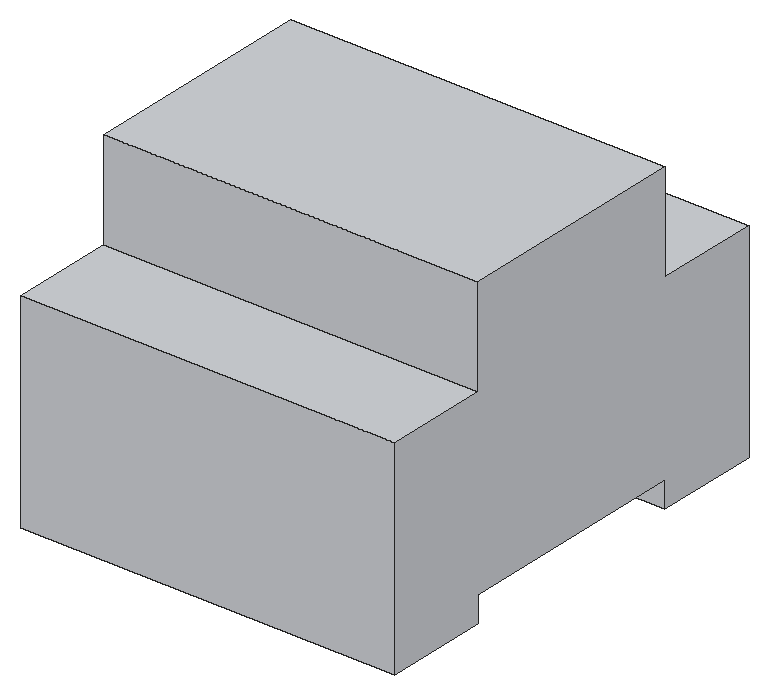
Revit family "Power-ModularDevices-GEWISS-90AM-ENERGY_METER_DIGITAL_THREE_PHASE", category Apparecchi elettrici, host Superficie, Revit 2016 (continued)
Definition of nested family "90AM CONTATORI DI ENERGIA TRIFASE DIGITALE_GENERICO"
  Lines and regions (mm)
    model lines, visible <- "GWD6808", detail levels medium+fine
      curve 752: line (18.054, 32.182, 40) -> (16.667, 31.81, 40)
      curve 753: line (16.667, 31.81, 40) -> (15.28, 32.182, 40)
      curve 754: line (15.28, 32.182, 40) -> (14.264, 33.197, 40)
      curve 755: line (14.264, 33.197, 40) -> (13.892, 34.584, 40)
      curve 756: line (13.892, 34.584, 40) -> (14.264, 35.971, 40)
      curve 757: line (14.264, 35.971, 40) -> (15.28, 36.987, 40)
      curve 758: line (15.28, 36.987, 40) -> (16.667, 37.359, 40)
      curve 759: line (23.333, 37.359, 40) -> (24.721, 36.987, 40)
      curve 760: line (24.721, 36.987, 40) -> (25.736, 35.971, 40)
      curve 761: line (25.736, 35.971, 40) -> (26.108, 34.584, 40)
      curve 762: line (26.108, 34.584, 40) -> (25.736, 33.197, 40)
      curve 763: line (25.736, 33.197, 40) -> (24.721, 32.182, 40)
      curve 764: line (24.721, 32.182, 40) -> (23.333, 31.81, 40)
      curve 765: line (23.333, 31.81, 40) -> (21.946, 32.182, 40)
      curve 766: line (21.946, 32.182, 40) -> (20.931, 33.197, 40)
      curve 767: line (20.931, 33.197, 40) -> (20.559, 34.584, 40)
      curve 768: line (20.559, 34.584, 40) -> (20.931, 35.971, 40)
      curve 769: line (20.931, 35.971, 40) -> (21.946, 36.987, 40)
      curve 770: line (21.946, 36.987, 40) -> (23.333, 37.359, 40)
      curve 771: line (30, 37.359, 40) -> (31.387, 36.987, 40)
      curve 772: line (31.387, 36.987, 40) -> (32.403, 35.971, 40)
      curve 773: line (32.403, 35.971, 40) -> (32.774, 34.584, 40)
      curve 774: line (32.774, 34.584, 40) -> (32.403, 33.197, 40)
      curve 775: line (32.403, 33.197, 40) -> (31.387, 32.182, 40)
      curve 776: line (31.387, 32.182, 40) -> (30, 31.81, 40)
      curve 777: line (30, 31.81, 40) -> (28.613, 32.182, 40)
      curve 778: line (28.613, 32.182, 40) -> (27.597, 33.197, 40)
      curve 779: line (27.597, 33.197, 40) -> (27.226, 34.584, 40)
      curve 780: line (27.226, 34.584, 40) -> (27.597, 35.971, 40)
      curve 781: line (27.597, 35.971, 40) -> (28.613, 36.987, 40)
      curve 782: line (28.613, 36.987, 40) -> (30, 37.359, 40)
      curve 783: line (-22.031, 33.367, 40) -> (-21.257, 33.574, 40)
      curve 784: line (-21.257, 33.574, 40) -> (-20.69, 34.141, 40)
      curve 785: line (-20.69, 34.141, 40) -> (-20.482, 34.915, 40)
      curve 786: line (-20.482, 34.915, 40) -> (-20.69, 35.69, 40)
      curve 787: line (-20.69, 35.69, 40) -> (-21.257, 36.257, 40)
      curve 788: line (-21.257, 36.257, 40) -> (-22.031, 36.464, 40)
      curve 789: line (-22.031, 36.464, 40) -> (-22.806, 36.257, 40)
      curve 790: line (-22.806, 36.257, 40) -> (-23.373, 35.69, 40)
      curve 791: line (-23.373, 35.69, 40) -> (-23.58, 34.915, 40)
      curve 792: line (-23.58, 34.915, 40) -> (-23.373, 34.141, 40)
      curve 793: line (-23.373, 34.141, 40) -> (-22.806, 33.574, 40)
      curve 794: line (-22.806, 33.574, 40) -> (-22.031, 33.367, 40)
      curve 795: line (-36, -30.5, 40) -> (-36, -42.5, 40)
      curve 796: line (36, 30.5, 40) -> (36, 42.5, 40)
    model lines, visible <- "GWD6808", not visible, detail levels medium+fine
      curve 797: line (276.654, 161.381, 40) -> (348.654, 161.381, 40)
      curve 798: line (348.654, 161.381, 40) -> (348.654, 173.381, 40)
      curve 799: line (348.654, 246.381, 40) -> (276.654, 246.381, 40)
      curve 800: line (276.654, 246.381, 40) -> (276.654, 234.381, 40)
      curve 801: line (348.654, 234.381, 40) -> (276.654, 234.381, 40)
      curve 802: line (348.654, 173.381, 40) -> (276.654, 173.381, 40)
      curve 803: line (282.425, 237.247, 40) -> (283.199, 237.455, 40)
      curve 804: line (283.199, 237.455, 40) -> (283.766, 238.022, 40)
      curve 805: line (283.766, 238.022, 40) -> (283.974, 238.796, 40)
      curve 806: line (283.974, 238.796, 40) -> (283.766, 239.571, 40)
      curve 807: line (283.766, 239.571, 40) -> (283.199, 240.138, 40)
      curve 808: line (283.199, 240.138, 40) -> (282.425, 240.345, 40)
      curve 809: line (282.425, 240.345, 40) -> (281.65, 240.138, 40)
      curve 810: line (281.65, 240.138, 40) -> (281.083, 239.571, 40)
      curve 811: line (281.083, 239.571, 40) -> (280.876, 238.796, 40)
      curve 812: line (280.876, 238.796, 40) -> (281.083, 238.022, 40)
      curve 813: line (281.083, 238.022, 40) -> (281.65, 237.455, 40)
      curve 814: line (281.65, 237.455, 40) -> (282.425, 237.247, 40)
      curve 815: line (282.654, 166.522, 40) -> (284.042, 166.894, 40)
      curve 816: line (284.042, 166.894, 40) -> (285.057, 167.909, 40)
      curve 817: line (285.057, 167.909, 40) -> (285.429, 169.296, 40)
      curve 818: line (285.429, 169.296, 40) -> (285.057, 170.684, 40)
      curve 819: line (285.057, 170.684, 40) -> (284.042, 171.699, 40)
      curve 820: line (284.042, 171.699, 40) -> (282.654, 172.071, 40)
      curve 821: line (282.654, 172.071, 40) -> (281.267, 171.699, 40)
      curve 822: line (281.267, 171.699, 40) -> (280.252, 170.684, 40)
      curve 823: line (280.252, 170.684, 40) -> (279.88, 169.296, 40)
      curve 824: line (279.88, 169.296, 40) -> (280.252, 167.909, 40)
      curve 825: line (280.252, 167.909, 40) -> (281.267, 166.894, 40)
      curve 826: line (281.267, 166.894, 40) -> (282.654, 166.522, 40)
      curve 827: line (289.321, 166.522, 40) -> (290.708, 166.894, 40)
      curve 828: line (290.708, 166.894, 40) -> (291.724, 167.909, 40)
      curve 829: line (291.724, 167.909, 40) -> (292.095, 169.296, 40)
      curve 830: line (292.095, 169.296, 40) -> (291.724, 170.684, 40)
      curve 831: line (291.724, 170.684, 40) -> (290.708, 171.699, 40)
      curve 832: line (290.708, 171.699, 40) -> (289.321, 172.071, 40)
      curve 833: line (289.321, 172.071, 40) -> (287.934, 171.699, 40)
      curve 834: line (287.934, 171.699, 40) -> (286.919, 170.684, 40)
      curve 835: line (286.919, 170.684, 40) -> (286.547, 169.296, 40)
      curve 836: line (286.547, 169.296, 40) -> (286.919, 167.909, 40)
      curve 837: line (286.919, 167.909, 40) -> (287.934, 166.894, 40)
      curve 838: line (287.934, 166.894, 40) -> (289.321, 166.522, 40)
      curve 839: line (295.988, 166.522, 40) -> (297.375, 166.894, 40)
      curve 840: line (297.375, 166.894, 40) -> (298.39, 167.909, 40)
      curve 841: line (298.39, 167.909, 40) -> (298.762, 169.296, 40)
      curve 842: line (298.762, 169.296, 40) -> (298.39, 170.684, 40)
      curve 843: line (298.39, 170.684, 40) -> (297.375, 171.699, 40)
      curve 844: line (297.375, 171.699, 40) -> (295.988, 172.071, 40)
      curve 845: line (295.988, 172.071, 40) -> (294.601, 171.699, 40)
      curve 846: line (294.601, 171.699, 40) -> (293.585, 170.684, 40)
      curve 847: line (293.585, 170.684, 40) -> (293.214, 169.296, 40)
      curve 848: line (293.214, 169.296, 40) -> (293.585, 167.909, 40)
      curve 849: line (293.585, 167.909, 40) -> (294.601, 166.894, 40)
      curve 850: line (294.601, 166.894, 40) -> (295.988, 166.522, 40)
      curve 851: line (302.654, 166.522, 40) -> (304.042, 166.894, 40)
      curve 852: line (304.042, 166.894, 40) -> (305.057, 167.909, 40)
      curve 853: line (305.057, 167.909, 40) -> (305.429, 169.296, 40)
      curve 854: line (305.429, 169.296, 40) -> (305.057, 170.684, 40)
      curve 855: line (305.057, 170.684, 40) -> (304.042, 171.699, 40)
      curve 856: line (304.042, 171.699, 40) -> (302.654, 172.071, 40)
      curve 857: line (302.654, 172.071, 40) -> (301.267, 171.699, 40)
      curve 858: line (301.267, 171.699, 40) -> (300.252, 170.684, 40)
      curve 859: line (300.252, 170.684, 40) -> (299.88, 169.296, 40)
      curve 860: line (299.88, 169.296, 40) -> (300.252, 167.909, 40)
      curve 861: line (300.252, 167.909, 40) -> (301.267, 166.894, 40)
      curve 862: line (301.267, 166.894, 40) -> (302.654, 166.522, 40)
      curve 863: line (309.321, 166.522, 40) -> (310.708, 166.894, 40)
      curve 864: line (310.708, 166.894, 40) -> (311.724, 167.909, 40)
      curve 865: line (311.724, 167.909, 40) -> (312.095, 169.296, 40)
      curve 866: line (312.095, 169.296, 40) -> (311.724, 170.684, 40)
      curve 867: line (311.724, 170.684, 40) -> (310.708, 171.699, 40)
      curve 868: line (310.708, 171.699, 40) -> (309.321, 172.071, 40)
      curve 869: line (309.321, 172.071, 40) -> (307.934, 171.699, 40)
      curve 870: line (307.934, 171.699, 40) -> (306.919, 170.684, 40)
      curve 871: line (306.919, 170.684, 40) -> (306.547, 169.296, 40)
      curve 872: line (306.547, 169.296, 40) -> (306.919, 167.909, 40)
      curve 873: line (306.919, 167.909, 40) -> (307.934, 166.894, 40)
      curve 874: line (307.934, 166.894, 40) -> (309.321, 166.522, 40)
      curve 875: line (315.988, 166.522, 40) -> (317.375, 166.894, 40)
      curve 876: line (317.375, 166.894, 40) -> (318.39, 167.909, 40)
      curve 877: line (318.39, 167.909, 40) -> (318.762, 169.296, 40)
      curve 878: line (318.762, 169.296, 40) -> (318.39, 170.684, 40)
      curve 879: line (318.39, 170.684, 40) -> (317.375, 171.699, 40)
      curve 880: line (317.375, 171.699, 40) -> (315.988, 172.071, 40)
      curve 881: line (315.988, 172.071, 40) -> (314.601, 171.699, 40)
      curve 882: line (314.601, 171.699, 40) -> (313.585, 170.684, 40)
      curve 883: line (313.585, 170.684, 40) -> (313.214, 169.296, 40)
      curve 884: line (313.214, 169.296, 40) -> (313.585, 167.909, 40)
      curve 885: line (313.585, 167.909, 40) -> (314.601, 166.894, 40)
      curve 886: line (314.601, 166.894, 40) -> (315.988, 166.522, 40)
      curve 887: line (322.654, 166.522, 40) -> (324.042, 166.894, 40)
      curve 888: line (324.042, 166.894, 40) -> (325.057, 167.909, 40)
      curve 889: line (325.057, 167.909, 40) -> (325.429, 169.296, 40)
      curve 890: line (325.429, 169.296, 40) -> (325.057, 170.684, 40)
      curve 891: line (325.057, 170.684, 40) -> (324.042, 171.699, 40)
      curve 892: line (324.042, 171.699, 40) -> (322.654, 172.071, 40)
      curve 893: line (322.654, 172.071, 40) -> (321.267, 171.699, 40)
      curve 894: line (321.267, 171.699, 40) -> (320.252, 170.684, 40)
      curve 895: line (320.252, 170.684, 40) -> (319.88, 169.296, 40)
      curve 896: line (319.88, 169.296, 40) -> (320.252, 167.909, 40)
      curve 897: line (320.252, 167.909, 40) -> (321.267, 166.894, 40)
      curve 898: line (321.267, 166.894, 40) -> (322.654, 166.522, 40)
      curve 899: line (329.321, 166.522, 40) -> (330.708, 166.894, 40)
      curve 900: line (330.708, 166.894, 40) -> (331.724, 167.909, 40)
      curve 901: line (331.724, 167.909, 40) -> (332.095, 169.296, 40)
      curve 902: line (332.095, 169.296, 40) -> (331.724, 170.684, 40)
      curve 903: line (331.724, 170.684, 40) -> (330.708, 171.699, 40)
      curve 904: line (330.708, 171.699, 40) -> (329.321, 172.071, 40)
      curve 905: line (329.321, 172.071, 40) -> (327.934, 171.699, 40)
      curve 906: line (327.934, 171.699, 40) -> (326.919, 170.684, 40)
      curve 907: line (326.919, 170.684, 40) -> (326.547, 169.296, 40)
      curve 908: line (326.547, 169.296, 40) -> (326.919, 167.909, 40)
      curve 909: line (326.919, 167.909, 40) -> (327.934, 166.894, 40)
      curve 910: line (327.934, 166.894, 40) -> (329.321, 166.522, 40)
      curve 911: line (335.988, 166.522, 40) -> (337.375, 166.894, 40)
      curve 912: line (337.375, 166.894, 40) -> (338.39, 167.909, 40)
      curve 913: line (338.39, 167.909, 40) -> (338.762, 169.296, 40)
      curve 914: line (338.762, 169.296, 40) -> (338.39, 170.684, 40)
      curve 915: line (338.39, 170.684, 40) -> (337.375, 171.699, 40)
      curve 916: line (337.375, 171.699, 40) -> (335.988, 172.071, 40)
      curve 917: line (335.988, 172.071, 40) -> (334.601, 171.699, 40)
      curve 918: line (334.601, 171.699, 40) -> (333.585, 170.684, 40)
      curve 919: line (333.585, 170.684, 40) -> (333.214, 169.296, 40)
      curve 920: line (333.214, 169.296, 40) -> (333.585, 167.909, 40)
      curve 921: line (333.585, 167.909, 40) -> (334.601, 166.894, 40)
      curve 922: line (334.601, 166.894, 40) -> (335.988, 166.522, 40)
      curve 923: line (342.654, 166.522, 40) -> (344.042, 166.894, 40)
      curve 924: line (344.042, 166.894, 40) -> (345.057, 167.909, 40)
      curve 925: line (345.057, 167.909, 40) -> (345.429, 169.296, 40)
      curve 926: line (345.429, 169.296, 40) -> (345.057, 170.684, 40)
      curve 927: line (345.057, 170.684, 40) -> (344.042, 171.699, 40)
      curve 928: line (344.042, 171.699, 40) -> (342.654, 172.071, 40)
      curve 929: line (342.654, 172.071, 40) -> (341.267, 171.699, 40)
      curve 930: line (341.267, 171.699, 40) -> (340.252, 170.684, 40)
      curve 931: line (340.252, 170.684, 40) -> (339.88, 169.296, 40)
      curve 932: line (339.88, 169.296, 40) -> (340.252, 167.909, 40)
      curve 933: line (340.252, 167.909, 40) -> (341.267, 166.894, 40)
      curve 934: line (341.267, 166.894, 40) -> (342.654, 166.522, 40)
      curve 935: line (302.654, 241.239, 40) -> (304.042, 240.868, 40)
      curve 936: line (304.042, 240.868, 40) -> (305.057, 239.852, 40)
      curve 937: line (305.057, 239.852, 40) -> (305.429, 238.465, 40)
      curve 938: line (305.429, 238.465, 40) -> (305.057, 237.078, 40)
      curve 939: line (305.057, 237.078, 40) -> (304.042, 236.062, 40)
      curve 940: line (304.042, 236.062, 40) -> (302.654, 235.691, 40)
      curve 941: line (302.654, 235.691, 40) -> (301.267, 236.062, 40)
      curve 942: line (301.267, 236.062, 40) -> (300.252, 237.078, 40)
      curve 943: line (300.252, 237.078, 40) -> (299.88, 238.465, 40)
      curve 944: line (299.88, 238.465, 40) -> (300.252, 239.852, 40)
      curve 945: line (300.252, 239.852, 40) -> (301.267, 240.868, 40)
      curve 946: line (301.267, 240.868, 40) -> (302.654, 241.239, 40)
      curve 947: line (309.321, 241.239, 40) -> (310.708, 240.868, 40)
      curve 948: line (310.708, 240.868, 40) -> (311.724, 239.852, 40)
      curve 949: line (311.724, 239.852, 40) -> (312.095, 238.465, 40)
      curve 950: line (312.095, 238.465, 40) -> (311.724, 237.078, 40)
      curve 951: line (311.724, 237.078, 40) -> (310.708, 236.062, 40)
      curve 952: line (310.708, 236.062, 40) -> (309.321, 235.691, 40)
      curve 953: line (309.321, 235.691, 40) -> (307.934, 236.062, 40)
      curve 954: line (307.934, 236.062, 40) -> (306.919, 237.078, 40)
      curve 955: line (306.919, 237.078, 40) -> (306.547, 238.465, 40)
      curve 956: line (306.547, 238.465, 40) -> (306.919, 239.852, 40)
      curve 957: line (306.919, 239.852, 40) -> (307.934, 240.868, 40)
      curve 958: line (307.934, 240.868, 40) -> (309.321, 241.239, 40)
      curve 959: line (315.988, 241.239, 40) -> (317.375, 240.868, 40)
      curve 960: line (317.375, 240.868, 40) -> (318.39, 239.852, 40)
      curve 961: line (318.39, 239.852, 40) -> (318.762, 238.465, 40)
      curve 962: line (318.762, 238.465, 40) -> (318.39, 237.078, 40)
      curve 963: line (318.39, 237.078, 40) -> (317.375, 236.062, 40)
      curve 964: line (317.375, 236.062, 40) -> (315.988, 235.691, 40)
      curve 965: line (315.988, 235.691, 40) -> (314.601, 236.062, 40)
      curve 966: line (314.601, 236.062, 40) -> (313.585, 237.078, 40)
      curve 967: line (313.585, 237.078, 40) -> (313.214, 238.465, 40)
      curve 968: line (313.214, 238.465, 40) -> (313.585, 239.852, 40)
      curve 969: line (313.585, 239.852, 40) -> (314.601, 240.868, 40)
      curve 970: line (314.601, 240.868, 40) -> (315.988, 241.239, 40)
      curve 971: line (322.654, 241.239, 40) -> (324.042, 240.868, 40)
      curve 972: line (324.042, 240.868, 40) -> (325.057, 239.852, 40)
      curve 973: line (325.057, 239.852, 40) -> (325.429, 238.465, 40)
      curve 974: line (325.429, 238.465, 40) -> (325.057, 237.078, 40)
      curve 975: line (325.057, 237.078, 40) -> (324.042, 236.062, 40)
      curve 976: line (324.042, 236.062, 40) -> (322.654, 235.691, 40)
      curve 977: line (322.654, 235.691, 40) -> (321.267, 236.062, 40)
      curve 978: line (321.267, 236.062, 40) -> (320.252, 237.078, 40)
      curve 979: line (320.252, 237.078, 40) -> (319.88, 238.465, 40)
      curve 980: line (319.88, 238.465, 40) -> (320.252, 239.852, 40)
      curve 981: line (320.252, 239.852, 40) -> (321.267, 240.868, 40)
      curve 982: line (321.267, 240.868, 40) -> (322.654, 241.239, 40)
      curve 983: line (329.321, 241.239, 40) -> (330.708, 240.868, 40)
      curve 984: line (330.708, 240.868, 40) -> (331.724, 239.852, 40)
      curve 985: line (331.724, 239.852, 40) -> (332.095, 238.465, 40)
      curve 986: line (332.095, 238.465, 40) -> (331.724, 237.078, 40)
      curve 987: line (331.724, 237.078, 40) -> (330.708, 236.062, 40)
      curve 988: line (330.708, 236.062, 40) -> (329.321, 235.691, 40)
      curve 989: line (329.321, 235.691, 40) -> (327.934, 236.062, 40)
      curve 990: line (327.934, 236.062, 40) -> (326.919, 237.078, 40)
      curve 991: line (326.919, 237.078, 40) -> (326.547, 238.465, 40)
      curve 992: line (326.547, 238.465, 40) -> (326.919, 239.852, 40)
      curve 993: line (326.919, 239.852, 40) -> (327.934, 240.868, 40)
      curve 994: line (327.934, 240.868, 40) -> (329.321, 241.239, 40)
      curve 995: line (335.988, 241.239, 40) -> (337.375, 240.868, 40)
      curve 996: line (337.375, 240.868, 40) -> (338.39, 239.852, 40)
      curve 997: line (338.39, 239.852, 40) -> (338.762, 238.465, 40)
      curve 998: line (338.762, 238.465, 40) -> (338.39, 237.078, 40)
      curve 999: line (338.39, 237.078, 40) -> (337.375, 236.062, 40)
      curve 1000: line (337.375, 236.062, 40) -> (335.988, 235.691, 40)
      curve 1001: line (335.988, 235.691, 40) -> (334.601, 236.062, 40)
      curve 1002: line (334.601, 236.062, 40) -> (333.585, 237.078, 40)
      curve 1003: line (333.585, 237.078, 40) -> (333.214, 238.465, 40)
      curve 1004: line (333.214, 238.465, 40) -> (333.585, 239.852, 40)
      curve 1005: line (333.585, 239.852, 40) -> (334.601, 240.868, 40)
      curve 1006: line (334.601, 240.868, 40) -> (335.988, 241.239, 40)
      curve 1007: line (342.654, 241.239, 40) -> (344.042, 240.868, 40)
      curve 1008: line (344.042, 240.868, 40) -> (345.057, 239.852, 40)
      curve 1009: line (345.057, 239.852, 40) -> (345.429, 238.465, 40)
      curve 1010: line (345.429, 238.465, 40) -> (345.057, 237.078, 40)
      curve 1011: line (345.057, 237.078, 40) -> (344.042, 236.062, 40)
      curve 1012: line (344.042, 236.062, 40) -> (342.654, 235.691, 40)
      curve 1013: line (342.654, 235.691, 40) -> (341.267, 236.062, 40)
      curve 1014: line (341.267, 236.062, 40) -> (340.252, 237.078, 40)
      curve 1015: line (340.252, 237.078, 40) -> (339.88, 238.465, 40)
      curve 1016: line (339.88, 238.465, 40) -> (340.252, 239.852, 40)
      curve 1017: line (340.252, 239.852, 40) -> (341.267, 240.868, 40)
      curve 1018: line (341.267, 240.868, 40) -> (342.654, 241.239, 40)
      curve 1019: line (290.623, 237.247, 40) -> (291.398, 237.455, 40)
      curve 1020: line (291.398, 237.455, 40) -> (291.964, 238.022, 40)
      curve 1021: line (291.964, 238.022, 40) -> (292.172, 238.796, 40)
      curve 1022: line (292.172, 238.796, 40) -> (291.964, 239.571, 40)
      curve 1023: line (291.964, 239.571, 40) -> (291.398, 240.138, 40)
      curve 1024: line (291.398, 240.138, 40) -> (290.623, 240.345, 40)
      curve 1025: line (290.623, 240.345, 40) -> (289.849, 240.138, 40)
      curve 1026: line (289.849, 240.138, 40) -> (289.282, 239.571, 40)
      curve 1027: line (289.282, 239.571, 40) -> (289.074, 238.796, 40)
      curve 1028: line (289.074, 238.796, 40) -> (289.282, 238.022, 40)
      curve 1029: line (289.282, 238.022, 40) -> (289.849, 237.455, 40)
      curve 1030: line (289.849, 237.455, 40) -> (290.623, 237.247, 40)
      curve 1031: line (276.654, 173.381, 40) -> (276.654, 161.381, 40)
      curve 1032: line (348.654, 234.381, 40) -> (348.654, 246.381, 40)
  Dimensions and locks
    equal spacing: plane 4, plane 1 "Centro (Fronte/Retro)", plane 5
    "D": plane 4 to plane 5
    "C": plane 11 to plane 10 "AMPEROMETRO"
    locked: plane 11 to plane 12 at 5
    "B": plane 8 to plane 9
    equal spacing: plane 8, plane 1 "Centro (Fronte/Retro)", plane 9
    locked: plane 6 to plane 4 at 10
    locked: plane 5 to plane 7 at 10
    equal spacing: plane 14, plane 3 "Centro (Sinistra/Destra)", plane 15
    "A": plane 14 to plane 15
    "DIST_DALLA BARRA": plane 2 to plane 12
    plane 8 to plane 6 = 10 mm
    "C1": plane 12 to plane 13 "forometria"
    aligned and locked: level to plane 2
    aligned and locked: plane 10 "AMPEROMETRO" to Extrusion 1 sketch curve
    aligned and locked: plane 4 to Extrusion 1 sketch curve
    aligned and locked: plane 5 to Extrusion 1 sketch curve
    aligned and locked: plane 8 to Extrusion 1 sketch curve
    aligned and locked: plane 9 to Extrusion 1 sketch curve
    aligned and locked: plane 12 to Extrusion 1 sketch curve
    aligned and locked: plane 11 to Extrusion 1 sketch curve  (x2)
    aligned and locked: plane 13 "forometria" to Extrusion 1 sketch curve
    aligned and locked: Extrusion 1 sketch curve to plane 13 "forometria"
    aligned and locked: plane 14 to Extrusion 1
    aligned and locked: Extrusion 1 to plane 15
    aligned and locked: plane 15 to Extrusion 2 sketch curve
    aligned and locked: plane 9 to Extrusion 2 sketch curve
    aligned and locked: Extrusion 2 sketch curve to plane 14
    aligned and locked: Extrusion 2 sketch curve to plane 8
    aligned and locked: Extrusion 2 to plane 10 "AMPEROMETRO"
    aligned and locked: plane 12 to Extrusion 2
    aligned and locked: plane 14 to curve 2
    aligned and locked: curve 4 to plane 4
    aligned and locked: plane 14 to curve 260
    aligned and locked: curve 262 to plane 4
    aligned and locked: plane 14 to curve 523
    aligned and locked: curve 563 to plane 9
    aligned and locked: curve 796 to plane 15
  Automatic sketch dimensions
    Extrusion 1 sketch curve to plane 4 = 0 mm
    Extrusion 1 sketch curve to plane 5 = 0 mm
    plane 10 "AMPEROMETRO" to Extrusion 3 sketch curve = 0 mm
    plane 1 "Centro (Fronte/Retro)" to Extrusion 3 sketch curve = 3.75 mm
    Extrusion 3 sketch curve to plane 1 "Centro (Fronte/Retro)" = 3.75 mm
    plane 10 "AMPEROMETRO" to Extrusion 3 sketch curve = 1.622 mm
    curve 533 to curve 534 = 0 mm
    curve 535 to curve 536 = 0 mm
    curve 531 to curve 532 = 0 mm
    curve 518 to curve 522 = 45 mm
    curve 526 to curve 527 = 0 mm
    curve 527 to curve 528 = 0 mm
    curve 528 to curve 529 = 0 mm
    curve 521 to curve 522 = 0 mm
    curve 525 to curve 526 = 10.4 mm
    curve 526 to curve 527 = 10.4 mm
    curve 531 to curve 532 = 6.667 mm
    curve 532 to curve 533 = 6.667 mm
    curve 527 to curve 528 = 10.4 mm
    curve 533 to curve 534 = 6.667 mm
    curve 528 to curve 529 = 10.4 mm
    curve 534 to curve 535 = 6.667 mm
    curve 535 to curve 536 = 6.667 mm
    curve 529 to curve 530 = 10.4 mm
    curve 536 to curve 537 = 6.667 mm
    curve 525 to curve 526 = 0 mm
    curve 529 to curve 530 = 0 mm
    curve 522 to curve 528 = 10.698 mm
    curve 525 to curve 523 = 9.302 mm
    curve 517 to curve 525 = 10 mm
    curve 530 to curve 524 = 10 mm
    curve 555 to curve 556 = 0 mm
    curve 557 to curve 558 = 0 mm
    curve 553 to curve 554 = 0 mm
    curve 540 to curve 544 = 45 mm
    curve 548 to curve 549 = 0 mm
    curve 549 to curve 550 = 0 mm
    curve 550 to curve 551 = 0 mm
    curve 543 to curve 544 = 0 mm
    curve 547 to curve 548 = 10.4 mm
    curve 548 to curve 549 = 10.4 mm
    curve 553 to curve 554 = 6.667 mm
    curve 554 to curve 555 = 6.667 mm
    curve 549 to curve 550 = 10.4 mm
    curve 555 to curve 556 = 6.667 mm
    curve 550 to curve 551 = 10.4 mm
    curve 556 to curve 557 = 6.667 mm
    curve 557 to curve 558 = 6.667 mm
    curve 551 to curve 552 = 10.4 mm
    curve 558 to curve 559 = 6.667 mm
    curve 547 to curve 548 = 0 mm
    curve 551 to curve 552 = 0 mm
    curve 544 to curve 550 = 10.698 mm
    curve 547 to curve 545 = 9.302 mm
    curve 539 to curve 547 = 10 mm
    curve 552 to curve 546 = 10 mm
    curve 260 to curve 270 = 2.043 mm
    curve 270 to curve 271 = 0.082 mm
    curve 269 to curve 269 = 0.085 mm
    curve 271 to curve 271 = 0.22 mm
    curve 268 to curve 268 = 0.274 mm
    curve 272 to curve 273 = 0.396 mm
    curve 267 to curve 267 = 0.414 mm
    curve 272 to curve 273 = 0.478 mm
    curve 272 to curve 278 = 0.51 mm
    curve 266 to curve 266 = 0.522 mm
    curve 277 to curve 281 = 0.304 mm
    curve 273 to curve 274 = 0.538 mm
    curve 266 to curve 265 = 0.426 mm
    curve 264 to curve 264 = 0.735 mm
    curve 277 to curve 263 = 0 mm
    curve 275 to curve 284 = 0.303 mm
    curve 263 to curve 287 = 1.248 mm
    curve 287 to curve 290 = 0.001 mm
    curve 286 to curve 284 = 0.474 mm
    curve 285 to curve 311 = 0.303 mm
    curve 311 to curve 289 = 0.946 mm
    curve 289 to curve 282 = 0 mm
    curve 288 to curve 313 = 0.123 mm
    curve 282 to curve 313 = 0.708 mm
    curve 312 to curve 310 = 0.747 mm
    curve 312 to curve 309 = 1.088 mm
    curve 309 to curve 307 = 0.577 mm
    curve 313 to curve 298 = 0.947 mm
    curve 308 to curve 299 = 0.728 mm
    curve 298 to curve 300 = 0.568 mm
    curve 307 to curve 307 = 0.984 mm
    curve 298 to curve 305 = 0.728 mm
    curve 306 to curve 304 = 0.577 mm
    curve 299 to curve 300 = 0.946 mm
    curve 305 to curve 302 = 1.088 mm
    curve 300 to curve 296 = 0.71 mm
    curve 295 to curve 294 = 0.946 mm
    curve 304 to curve 294 = 0 mm
    curve 303 to curve 368 = 0.251 mm
    curve 303 to curve 316 = 0.303 mm
    curve 294 to curve 321 = 0.303 mm
    curve 368 to curve 370 = 0.208 mm
    curve 369 to curve 367 = 0.208 mm
    curve 367 to curve 366 = 0.567 mm
    curve 370 to curve 370 = 0.567 mm  (x2)
    curve 302 to curve 324 = 1.249 mm
    curve 366 to curve 366 = 0.774 mm
    curve 370 to curve 371 = 0.774 mm
    curve 323 to curve 317 = 0.776 mm
    curve 360 to curve 360 = 0.774 mm
    curve 365 to curve 365 = 0.774 mm
    curve 317 to curve 325 = 0.946 mm
    curve 323 to curve 325 = 0 mm
    curve 360 to curve 362 = 0.567 mm
    curve 364 to curve 363 = 0.567 mm
    curve 322 to curve 327 = 0.303 mm
    curve 330 to curve 327 = 0 mm
    curve 361 to curve 363 = 0.208 mm
    curve 327 to curve 347 = 0.743 mm
    curve 346 to curve 341 = 0.204 mm
    curve 331 to curve 333 = 0.946 mm
    curve 346 to curve 345 = 0.402 mm
    curve 332 to curve 334 = 0.546 mm
    curve 345 to curve 344 = 0.358 mm
    curve 333 to curve 329 = 0.113 mm
    curve 344 to curve 344 = 0.342 mm
    curve 333 to curve 334 = 0.353 mm
    curve 343 to curve 342 = 0.246 mm
    curve 334 to curve 336 = 0.404 mm
    curve 342 to curve 341 = 0.171 mm
    curve 341 to curve 339 = 0.129 mm
    curve 335 to curve 336 = 0.188 mm
    curve 338 to curve 338 = 0.051 mm
    curve 385 to curve 356 = 8.279 mm
    curve 357 to curve 355 = 0.564 mm
    curve 356 to curve 357 = 0.564 mm
    curve 357 to curve 358 = 1.542 mm
    curve 355 to curve 354 = 1.542 mm
    curve 356 to curve 381 = 2.663 mm
    curve 380 to curve 381 = 0.208 mm
    curve 380 to curve 380 = 0.208 mm
    curve 381 to curve 382 = 0.567 mm
    curve 379 to curve 379 = 0.567 mm  (x2)
    curve 378 to curve 378 = 0.774 mm
    curve 383 to curve 372 = 0.774 mm
    curve 358 to curve 359 = 2.106 mm
    curve 354 to curve 354 = 2.106 mm
    curve 372 to curve 373 = 0.774 mm
    curve 377 to curve 377 = 0.774 mm
    curve 376 to curve 375 = 0.567 mm
    curve 372 to curve 373 = 0.567 mm  (x2)
    curve 373 to curve 375 = 0.208 mm
    curve 348 to curve 349 = 2.106 mm
    curve 353 to curve 353 = 2.106 mm
    curve 352 to curve 351 = 1.542 mm
    curve 348 to curve 349 = 1.542 mm
    curve 349 to curve 350 = 0.564 mm
    curve 386 to curve 261 = 36.5 mm
    curve 260 to curve 331 = 2.201 mm
    curve 322 to curve 331 = 0 mm
    curve 314 to curve 320 = 0 mm
    curve 298 to curve 301 = 0 mm
    curve 297 to curve 320 = 0 mm
    curve 293 to curve 313 = 0 mm
    curve 282 to curve 263 = 0 mm
    curve 259 to curve 348 = 2.218 mm
    curve 264 to curve 266 = 0.054 mm
    curve 332 to curve 333 = 0.175 mm
    curve 265 to curve 266 = 0.231 mm
    curve 333 to curve 335 = 0.23 mm
    curve 348 to curve 359 = 0.564 mm
    curve 348 to curve 348 = 0.564 mm
    curve 267 to curve 267 = 0.384 mm
    curve 334 to curve 336 = 0.495 mm
    curve 266 to curve 278 = 0.661 mm
    curve 321 to curve 318 = 0.946 mm
    curve 334 to curve 329 = 0.541 mm
    curve 282 to curve 293 = 0.946 mm
    curve 267 to curve 269 = 0.518 mm
    curve 292 to curve 289 = 0.303 mm
    curve 329 to curve 329 = 0.303 mm
    curve 319 to curve 317 = 0.303 mm
    curve 299 to curve 298 = 1.419 mm
    curve 335 to curve 337 = 0.556 mm
    curve 268 to curve 269 = 0.552 mm
    curve 336 to curve 338 = 0.493 mm
    curve 298 to curve 309 = 0.568 mm
    curve 298 to curve 306 = 0.568 mm
    curve 359 to curve 358 = 1.542 mm
    curve 348 to curve 350 = 1.542 mm
    curve 279 to curve 280 = 1.249 mm
    curve 317 to curve 324 = 0.946 mm
    curve 316 to curve 294 = 0.946 mm
    curve 337 to curve 338 = 0.245 mm
    curve 290 to curve 288 = 0.946 mm
    curve 270 to curve 270 = 0.509 mm
    curve 339 to curve 340 = 0.303 mm
    curve 288 to curve 313 = 0.302 mm
    curve 263 to curve 276 = 0.303 mm
    curve 294 to curve 303 = 0.303 mm
    curve 323 to curve 324 = 0.303 mm
    curve 287 to curve 286 = 0.303 mm
    curve 348 to curve 383 = 2.663 mm
    curve 271 to curve 272 = 0.449 mm
    curve 341 to curve 342 = 0.286 mm
    curve 372 to curve 382 = 0.208 mm
    curve 372 to curve 372 = 0.208 mm
    curve 342 to curve 343 = 0.255 mm
    curve 272 to curve 273 = 0.41 mm
    curve 343 to curve 344 = 0.225 mm
    curve 272 to curve 274 = 0.249 mm
    curve 345 to curve 345 = 0.131 mm
    curve 302 to curve 316 = 0.946 mm
    curve 311 to curve 310 = 0.946 mm
    curve 309 to curve 308 = 0 mm
    curve 315 to curve 327 = 0 mm
    curve 276 to curve 284 = 0.946 mm
    curve 273 to curve 274 = 0.089 mm
    curve 306 to curve 305 = 0 mm
    curve 382 to curve 381 = 0.567 mm
    curve 373 to curve 374 = 0.774 mm
    curve 358 to curve 357 = 2.106 mm
    curve 381 to curve 381 = 0.774 mm
    curve 349 to curve 351 = 2.106 mm
    curve 380 to curve 380 = 0.774 mm
    curve 375 to curve 375 = 0.774 mm
    curve 315 to curve 360 = 2.009 mm
    curve 376 to curve 376 = 0.567 mm
    curve 360 to curve 360 = 0.208 mm
    curve 360 to curve 371 = 0.208 mm
    curve 376 to curve 377 = 0.208 mm
    curve 360 to curve 361 = 0.567 mm
    curve 351 to curve 351 = 2.106 mm
    curve 357 to curve 355 = 2.106 mm
    curve 369 to curve 369 = 0.774 mm
    curve 361 to curve 362 = 0.774 mm
    curve 362 to curve 364 = 0.774 mm
    curve 369 to curve 368 = 0.774 mm
    curve 351 to curve 352 = 1.542 mm
    curve 355 to curve 355 = 1.542 mm
    curve 367 to curve 367 = 0.567 mm
    curve 363 to curve 365 = 0.567 mm
    curve 352 to curve 354 = 0.564 mm
    curve 364 to curve 366 = 0.208 mm
    curve 355 to curve 386 = 8.464 mm
    curve 385 to curve 387 = 19.075 mm
    curve 260 to curve 384 = 6.45 mm
    curve 386 to curve 261 = 8.925 mm
    curve 363 to curve 386 = 20.063 mm
    curve 389 to curve 399 = 2.043 mm
    curve 399 to curve 400 = 0.082 mm
    curve 398 to curve 398 = 0.085 mm
    curve 400 to curve 400 = 0.22 mm
    curve 397 to curve 397 = 0.274 mm
    curve 401 to curve 402 = 0.396 mm
    curve 396 to curve 396 = 0.414 mm
    curve 401 to curve 402 = 0.478 mm
    curve 401 to curve 407 = 0.51 mm
    curve 395 to curve 395 = 0.522 mm
    curve 406 to curve 410 = 0.304 mm
    curve 402 to curve 403 = 0.538 mm
    curve 395 to curve 394 = 0.426 mm
    curve 393 to curve 393 = 0.735 mm
    curve 406 to curve 392 = 0 mm
    curve 404 to curve 413 = 0.303 mm
    curve 392 to curve 416 = 1.248 mm
    curve 416 to curve 419 = 0.001 mm
    curve 415 to curve 413 = 0.474 mm
    curve 414 to curve 440 = 0.303 mm
    curve 440 to curve 418 = 0.946 mm
    curve 418 to curve 411 = 0 mm
    curve 417 to curve 442 = 0.123 mm
    curve 411 to curve 442 = 0.708 mm
    curve 441 to curve 439 = 0.747 mm
    curve 441 to curve 438 = 1.088 mm
    curve 438 to curve 436 = 0.577 mm
    curve 442 to curve 427 = 0.947 mm
    curve 437 to curve 428 = 0.728 mm
    curve 427 to curve 429 = 0.568 mm
    curve 436 to curve 436 = 0.984 mm
    curve 427 to curve 434 = 0.728 mm
    curve 435 to curve 433 = 0.577 mm
    curve 428 to curve 429 = 0.946 mm
    curve 434 to curve 431 = 1.088 mm
    curve 429 to curve 425 = 0.71 mm
    curve 424 to curve 423 = 0.946 mm
    curve 433 to curve 423 = 0 mm
    curve 432 to curve 497 = 0.251 mm
    curve 432 to curve 445 = 0.303 mm
    curve 423 to curve 450 = 0.303 mm
    curve 497 to curve 499 = 0.208 mm
    curve 498 to curve 496 = 0.208 mm
    curve 496 to curve 495 = 0.567 mm
    curve 499 to curve 499 = 0.567 mm  (x2)
    curve 431 to curve 453 = 1.249 mm
    curve 495 to curve 495 = 0.774 mm
    curve 499 to curve 500 = 0.774 mm
    curve 452 to curve 446 = 0.776 mm
    curve 489 to curve 489 = 0.774 mm
    curve 494 to curve 494 = 0.774 mm
    curve 446 to curve 454 = 0.946 mm
    curve 452 to curve 454 = 0 mm
    curve 489 to curve 491 = 0.567 mm
    curve 493 to curve 492 = 0.567 mm
    curve 451 to curve 456 = 0.303 mm
    curve 459 to curve 456 = 0 mm
    curve 490 to curve 492 = 0.208 mm
    curve 456 to curve 476 = 0.743 mm
    curve 475 to curve 470 = 0.204 mm
    curve 460 to curve 462 = 0.946 mm
    curve 475 to curve 474 = 0.402 mm
    curve 461 to curve 463 = 0.546 mm
    curve 474 to curve 473 = 0.358 mm
    curve 462 to curve 458 = 0.113 mm
    curve 473 to curve 473 = 0.342 mm
    curve 462 to curve 463 = 0.353 mm
    curve 472 to curve 471 = 0.246 mm
    curve 463 to curve 465 = 0.404 mm
    curve 471 to curve 470 = 0.171 mm
    curve 470 to curve 468 = 0.129 mm
    curve 464 to curve 465 = 0.188 mm
    curve 467 to curve 467 = 0.051 mm
    curve 514 to curve 485 = 8.279 mm
    curve 486 to curve 484 = 0.564 mm
    curve 485 to curve 486 = 0.564 mm
    curve 486 to curve 487 = 1.542 mm
    curve 484 to curve 483 = 1.542 mm
    curve 485 to curve 510 = 2.663 mm
    curve 509 to curve 510 = 0.208 mm
    curve 509 to curve 509 = 0.208 mm
    curve 510 to curve 511 = 0.567 mm
    curve 508 to curve 508 = 0.567 mm  (x2)
    curve 507 to curve 507 = 0.774 mm
    curve 512 to curve 501 = 0.774 mm
    curve 487 to curve 488 = 2.106 mm
    curve 483 to curve 483 = 2.106 mm
    curve 501 to curve 502 = 0.774 mm
    curve 506 to curve 506 = 0.774 mm
    curve 505 to curve 504 = 0.567 mm
    curve 501 to curve 502 = 0.567 mm  (x2)
    curve 502 to curve 504 = 0.208 mm
    curve 477 to curve 478 = 2.106 mm
    curve 482 to curve 482 = 2.106 mm
    curve 481 to curve 480 = 1.542 mm
    curve 477 to curve 478 = 1.542 mm
    curve 478 to curve 479 = 0.564 mm
    curve 515 to curve 390 = 36.5 mm
    curve 389 to curve 460 = 2.201 mm
    curve 451 to curve 460 = 0 mm
    curve 443 to curve 449 = 0 mm
    curve 427 to curve 430 = 0 mm
    curve 426 to curve 449 = 0 mm
    curve 422 to curve 442 = 0 mm
    curve 411 to curve 392 = 0 mm
    curve 388 to curve 477 = 2.218 mm
    curve 393 to curve 395 = 0.054 mm
    curve 461 to curve 462 = 0.175 mm
    curve 394 to curve 395 = 0.231 mm
    curve 462 to curve 464 = 0.23 mm
    curve 477 to curve 488 = 0.564 mm
    curve 477 to curve 477 = 0.564 mm
    curve 396 to curve 396 = 0.384 mm
    curve 463 to curve 465 = 0.495 mm
    curve 395 to curve 407 = 0.661 mm
    curve 450 to curve 447 = 0.946 mm
    curve 463 to curve 458 = 0.541 mm
    curve 411 to curve 422 = 0.946 mm
    curve 396 to curve 398 = 0.518 mm
    curve 421 to curve 418 = 0.303 mm
    curve 458 to curve 458 = 0.303 mm
    curve 448 to curve 446 = 0.303 mm
    curve 428 to curve 427 = 1.419 mm
    curve 464 to curve 466 = 0.556 mm
    curve 397 to curve 398 = 0.552 mm
    curve 465 to curve 467 = 0.493 mm
    curve 427 to curve 438 = 0.568 mm
    curve 427 to curve 435 = 0.568 mm
    curve 488 to curve 487 = 1.542 mm
    curve 477 to curve 479 = 1.542 mm
    curve 408 to curve 409 = 1.249 mm
    curve 446 to curve 453 = 0.946 mm
    curve 445 to curve 423 = 0.946 mm
    curve 466 to curve 467 = 0.245 mm
    curve 419 to curve 417 = 0.946 mm
    curve 399 to curve 399 = 0.509 mm
    curve 468 to curve 469 = 0.303 mm
    curve 417 to curve 442 = 0.302 mm
    curve 392 to curve 405 = 0.303 mm
    curve 423 to curve 432 = 0.303 mm
    curve 452 to curve 453 = 0.303 mm
    curve 416 to curve 415 = 0.303 mm
    curve 477 to curve 512 = 2.663 mm
    curve 400 to curve 401 = 0.449 mm
    curve 470 to curve 471 = 0.286 mm
    curve 501 to curve 511 = 0.208 mm
    curve 501 to curve 501 = 0.208 mm
    curve 471 to curve 472 = 0.255 mm
    curve 401 to curve 402 = 0.41 mm
    curve 472 to curve 473 = 0.225 mm
    curve 401 to curve 403 = 0.249 mm
    curve 474 to curve 474 = 0.131 mm
    curve 431 to curve 445 = 0.946 mm
    curve 440 to curve 439 = 0.946 mm
    curve 438 to curve 437 = 0 mm
    curve 444 to curve 456 = 0 mm
    curve 405 to curve 413 = 0.946 mm
    curve 402 to curve 403 = 0.089 mm
    curve 435 to curve 434 = 0 mm
    curve 511 to curve 510 = 0.567 mm
    curve 502 to curve 503 = 0.774 mm
    curve 487 to curve 486 = 2.106 mm
    curve 510 to curve 510 = 0.774 mm
    curve 478 to curve 480 = 2.106 mm
    curve 509 to curve 509 = 0.774 mm
    curve 504 to curve 504 = 0.774 mm
    curve 444 to curve 489 = 2.009 mm
    curve 505 to curve 505 = 0.567 mm
    curve 489 to curve 489 = 0.208 mm
    curve 489 to curve 500 = 0.208 mm
    curve 505 to curve 506 = 0.208 mm
    curve 489 to curve 490 = 0.567 mm
    curve 480 to curve 480 = 2.106 mm
    curve 486 to curve 484 = 2.106 mm
    curve 498 to curve 498 = 0.774 mm
    curve 490 to curve 491 = 0.774 mm
    curve 491 to curve 493 = 0.774 mm
    curve 498 to curve 497 = 0.774 mm
    curve 480 to curve 481 = 1.542 mm
    curve 484 to curve 484 = 1.542 mm
    curve 496 to curve 496 = 0.567 mm
    curve 492 to curve 494 = 0.567 mm
    curve 481 to curve 483 = 0.564 mm
    curve 493 to curve 495 = 0.208 mm
    curve 484 to curve 515 = 8.464 mm
    curve 514 to curve 516 = 19.075 mm
    curve 389 to curve 513 = 6.45 mm
    curve 515 to curve 390 = 8.925 mm
    curve 492 to curve 515 = 20.063 mm
    curve 2 to curve 11 = 2.043 mm
    curve 11 to curve 12 = 0.082 mm
    curve 11 to curve 11 = 0.085 mm
    curve 12 to curve 14 = 0.22 mm
    curve 11 to curve 10 = 0.274 mm
    curve 13 to curve 14 = 0.396 mm
    curve 9 to curve 8 = 0.414 mm
    curve 14 to curve 15 = 0.478 mm
    curve 8 to curve 21 = 0.434 mm
    curve 8 to curve 8 = 0.522 mm
    curve 19 to curve 22 = 0.304 mm
    curve 15 to curve 16 = 0.538 mm
    curve 7 to curve 6 = 0.426 mm
    curve 6 to curve 6 = 0.735 mm
    curve 16 to curve 18 = 0.743 mm
    curve 17 to curve 26 = 0.303 mm
    curve 18 to curve 29 = 1.248 mm
    curve 29 to curve 34 = 0.001 mm
    curve 28 to curve 28 = 0.474 mm
    curve 27 to curve 54 = 0.303 mm
    curve 53 to curve 31 = 0.946 mm
    curve 31 to curve 35 = 0 mm
    curve 30 to curve 55 = 0.123 mm
    curve 24 to curve 56 = 0.708 mm
    curve 54 to curve 52 = 0.747 mm
    curve 54 to curve 50 = 1.088 mm
    curve 51 to curve 50 = 0.577 mm
    curve 55 to curve 56 = 0.947 mm
    curve 51 to curve 41 = 0.728 mm
    curve 40 to curve 42 = 0.568 mm
    curve 49 to curve 49 = 0.984 mm
    curve 40 to curve 48 = 0.728 mm
    curve 48 to curve 47 = 0.577 mm
    curve 41 to curve 43 = 0.946 mm
    curve 47 to curve 44 = 1.088 mm
    curve 42 to curve 38 = 0.71 mm
    curve 37 to curve 36 = 0.946 mm
    curve 45 to curve 36 = 0 mm
    curve 45 to curve 110 = 0.251 mm
    curve 36 to curve 63 = 0.303 mm
    curve 59 to curve 61 = 0 mm
    curve 110 to curve 110 = 0.208 mm
    curve 110 to curve 112 = 0.208 mm
    curve 111 to curve 113 = 0.567 mm
    curve 109 to curve 109 = 0.567 mm  (x2)
    curve 44 to curve 66 = 1.249 mm
    curve 112 to curve 113 = 0.774 mm
    curve 108 to curve 108 = 0.774 mm
    curve 65 to curve 59 = 0.776 mm
    curve 102 to curve 102 = 0.774 mm
    curve 107 to curve 106 = 0.774 mm
    curve 60 to curve 63 = 0.946 mm
    curve 57 to curve 64 = 0 mm
    curve 102 to curve 103 = 0.567 mm
    curve 106 to curve 105 = 0.567 mm
    curve 63 to curve 73 = 0.303 mm
    curve 69 to curve 72 = 0 mm
    curve 105 to curve 105 = 0.208 mm
    curve 69 to curve 89 = 0.743 mm
    curve 64 to curve 81 = 1.249 mm
    curve 73 to curve 74 = 0.946 mm
    curve 88 to curve 88 = 0.402 mm
    curve 74 to curve 76 = 0.546 mm
    curve 87 to curve 87 = 0.358 mm
    curve 76 to curve 71 = 0.113 mm
    curve 86 to curve 85 = 0.342 mm
    curve 76 to curve 76 = 0.353 mm
    curve 85 to curve 84 = 0.246 mm
    curve 76 to curve 77 = 0.404 mm
    curve 84 to curve 83 = 0.171 mm
    curve 83 to curve 80 = 0.129 mm
    curve 77 to curve 79 = 0.188 mm
    curve 80 to curve 80 = 0.051 mm
    curve 127 to curve 98 = 8.279 mm
    curve 98 to curve 99 = 0.564 mm
    curve 99 to curve 98 = 0.564 mm
    curve 99 to curve 101 = 1.542 mm
    curve 97 to curve 97 = 1.542 mm
    curve 98 to curve 122 = 2.663 mm
    curve 122 to curve 122 = 0.208 mm
    curve 122 to curve 123 = 0.208 mm
    curve 121 to curve 121 = 0.567 mm  (x2)
    curve 123 to curve 124 = 0.567 mm
    curve 100 to curve 90 = 2.106 mm
    curve 120 to curve 120 = 0.774 mm
    curve 125 to curve 114 = 0.774 mm
    curve 96 to curve 95 = 2.106 mm
    curve 114 to curve 114 = 0.774 mm
    curve 119 to curve 119 = 0.774 mm
    curve 118 to curve 118 = 0.567 mm
    curve 115 to curve 115 = 0.567 mm  (x2)
    curve 115 to curve 117 = 0.208 mm
    curve 90 to curve 91 = 2.106 mm
    curve 95 to curve 95 = 2.106 mm
    curve 94 to curve 93 = 1.542 mm
    curve 91 to curve 91 = 1.542 mm
    curve 91 to curve 92 = 0.564 mm
    curve 92 to curve 4 = 19.797 mm
    curve 2 to curve 62 = 2.201 mm
    curve 56 to curve 62 = 0 mm
    curve 63 to curve 73 = 0 mm
    curve 40 to curve 43 = 0 mm
    curve 39 to curve 62 = 0 mm
    curve 35 to curve 55 = 0 mm
    curve 24 to curve 7 = 0 mm
    curve 1 to curve 101 = 2.218 mm
    curve 6 to curve 8 = 0.054 mm
    curve 74 to curve 76 = 0.175 mm
    curve 7 to curve 9 = 0.231 mm
    curve 76 to curve 76 = 0.23 mm
    curve 90 to curve 90 = 0.564 mm
    curve 90 to curve 101 = 0.564 mm
    curve 8 to curve 9 = 0.384 mm
    curve 76 to curve 77 = 0.495 mm
    curve 7 to curve 21 = 0.892 mm
    curve 24 to curve 34 = 0.946 mm
    curve 63 to curve 60 = 0.946 mm
    curve 73 to curve 73 = 0.946 mm
    curve 9 to curve 11 = 0.518 mm
    curve 34 to curve 31 = 0.303 mm
    curve 72 to curve 69 = 0.303 mm
    curve 61 to curve 58 = 0.303 mm
    curve 41 to curve 40 = 1.419 mm
    curve 77 to curve 78 = 0.556 mm
    curve 10 to curve 12 = 0.552 mm
    curve 78 to curve 79 = 0.493 mm
    curve 40 to curve 47 = 0.568 mm
    curve 40 to curve 50 = 0.568 mm
    curve 91 to curve 92 = 1.542 mm
    curve 101 to curve 100 = 1.542 mm
    curve 21 to curve 23 = 1.249 mm
    curve 47 to curve 37 = 0.208 mm
    curve 59 to curve 65 = 0.946 mm
    curve 70 to curve 81 = 0.946 mm
    curve 32 to curve 30 = 0.946 mm
    curve 11 to curve 12 = 0.509 mm
    curve 37 to curve 44 = 0.303 mm
    curve 30 to curve 54 = 0.302 mm
    curve 80 to curve 83 = 0.303 mm
    curve 5 to curve 19 = 0.303 mm
    curve 65 to curve 66 = 0.303 mm
    curve 29 to curve 28 = 0.303 mm
    curve 90 to curve 114 = 2.663 mm
    curve 12 to curve 14 = 0.449 mm
    curve 83 to curve 85 = 0.286 mm
    curve 114 to curve 125 = 0.208 mm
    curve 114 to curve 114 = 0.208 mm
    curve 84 to curve 86 = 0.255 mm
    curve 13 to curve 15 = 0.41 mm
    curve 85 to curve 87 = 0.225 mm
    curve 14 to curve 15 = 0.249 mm
    curve 87 to curve 88 = 0.131 mm
    curve 18 to curve 25 = 0.946 mm
    curve 18 to curve 25 = 0 mm
    curve 50 to curve 50 = 1.457 mm
    curve 51 to curve 49 = 0 mm
    curve 48 to curve 47 = 0 mm
    curve 87 to curve 88 = 0.049 mm
    curve 68 to curve 69 = 0 mm
    curve 124 to curve 124 = 0.567 mm
    curve 115 to curve 117 = 0.774 mm
    curve 100 to curve 99 = 2.106 mm
    curve 123 to curve 122 = 0.774 mm
    curve 91 to curve 93 = 2.106 mm
    curve 116 to curve 117 = 0.774 mm
    curve 122 to curve 121 = 0.774 mm
    curve 57 to curve 113 = 2.009 mm
    curve 117 to curve 118 = 0.567 mm
    curve 102 to curve 102 = 0.208 mm
    curve 102 to curve 112 = 0.208 mm
    curve 118 to curve 119 = 0.208 mm
    curve 102 to curve 104 = 0.567 mm
    curve 112 to curve 112 = 0.567 mm
    curve 99 to curve 98 = 2.106 mm
    curve 93 to curve 94 = 2.106 mm
    curve 103 to curve 104 = 0.774 mm
    curve 111 to curve 110 = 0.774 mm
    curve 104 to curve 106 = 0.774 mm
    curve 110 to curve 110 = 0.774 mm
    curve 93 to curve 94 = 1.542 mm
    curve 97 to curve 96 = 1.542 mm
    curve 105 to curve 106 = 0.567 mm
    curve 94 to curve 96 = 0.564 mm
    curve 106 to curve 108 = 0.208 mm
    curve 97 to curve 128 = 8.464 mm
    curve 127 to curve 128 = 19.075 mm
    curve 126 to curve 108 = 6.871 mm
    curve 105 to curve 128 = 20.063 mm
    curve 126 to curve 2 = 8.925 mm
    curve 131 to curve 140 = 2.043 mm
    curve 140 to curve 141 = 0.082 mm
    curve 140 to curve 140 = 0.085 mm
    curve 141 to curve 143 = 0.22 mm
    curve 140 to curve 139 = 0.274 mm
    curve 142 to curve 143 = 0.396 mm
    curve 138 to curve 137 = 0.414 mm
    curve 143 to curve 144 = 0.478 mm
    curve 137 to curve 150 = 0.434 mm
    curve 137 to curve 137 = 0.522 mm
    curve 148 to curve 151 = 0.304 mm
    curve 144 to curve 145 = 0.538 mm
    curve 136 to curve 135 = 0.426 mm
    curve 135 to curve 135 = 0.735 mm
    curve 145 to curve 147 = 0.743 mm
    curve 146 to curve 155 = 0.303 mm
    curve 147 to curve 158 = 1.248 mm
    curve 158 to curve 163 = 0.001 mm
    curve 157 to curve 157 = 0.474 mm
    curve 156 to curve 183 = 0.303 mm
    curve 182 to curve 160 = 0.946 mm
    curve 160 to curve 164 = 0 mm
    curve 159 to curve 184 = 0.123 mm
    curve 153 to curve 185 = 0.708 mm
    curve 183 to curve 181 = 0.747 mm
    curve 183 to curve 179 = 1.088 mm
    curve 180 to curve 179 = 0.577 mm
    curve 184 to curve 185 = 0.947 mm
    curve 180 to curve 170 = 0.728 mm
    curve 169 to curve 171 = 0.568 mm
    curve 178 to curve 178 = 0.984 mm
    curve 169 to curve 177 = 0.728 mm
    curve 177 to curve 176 = 0.577 mm
    curve 170 to curve 172 = 0.946 mm
    curve 176 to curve 173 = 1.088 mm
    curve 171 to curve 167 = 0.71 mm
    curve 166 to curve 165 = 0.946 mm
    curve 174 to curve 165 = 0 mm
    curve 174 to curve 239 = 0.251 mm
    curve 165 to curve 192 = 0.303 mm
    curve 188 to curve 190 = 0 mm
    curve 239 to curve 239 = 0.208 mm
    curve 239 to curve 241 = 0.208 mm
    curve 240 to curve 242 = 0.567 mm
    curve 238 to curve 238 = 0.567 mm  (x2)
    curve 173 to curve 195 = 1.249 mm
    curve 241 to curve 242 = 0.774 mm
    curve 237 to curve 237 = 0.774 mm
    curve 194 to curve 188 = 0.776 mm
    curve 231 to curve 231 = 0.774 mm
    curve 236 to curve 235 = 0.774 mm
    curve 189 to curve 192 = 0.946 mm
    curve 186 to curve 193 = 0 mm
    curve 231 to curve 232 = 0.567 mm
    curve 235 to curve 234 = 0.567 mm
    curve 192 to curve 202 = 0.303 mm
    curve 198 to curve 201 = 0 mm
    curve 234 to curve 234 = 0.208 mm
    curve 198 to curve 218 = 0.743 mm
    curve 193 to curve 210 = 1.249 mm
    curve 202 to curve 203 = 0.946 mm
    curve 217 to curve 217 = 0.402 mm
    curve 203 to curve 205 = 0.546 mm
    curve 216 to curve 216 = 0.358 mm
    curve 205 to curve 200 = 0.113 mm
    curve 215 to curve 214 = 0.342 mm
    curve 205 to curve 205 = 0.353 mm
    curve 214 to curve 213 = 0.246 mm
    curve 205 to curve 206 = 0.404 mm
    curve 213 to curve 212 = 0.171 mm
    curve 212 to curve 209 = 0.129 mm
    curve 206 to curve 208 = 0.188 mm
    curve 209 to curve 209 = 0.051 mm
    curve 256 to curve 227 = 8.279 mm
    curve 227 to curve 228 = 0.564 mm
    curve 228 to curve 227 = 0.564 mm
    curve 228 to curve 230 = 1.542 mm
    curve 226 to curve 226 = 1.542 mm
    curve 227 to curve 251 = 2.663 mm
    curve 251 to curve 251 = 0.208 mm
    curve 251 to curve 252 = 0.208 mm
    curve 250 to curve 250 = 0.567 mm  (x2)
    curve 252 to curve 253 = 0.567 mm
    curve 229 to curve 219 = 2.106 mm
    curve 249 to curve 249 = 0.774 mm
    curve 254 to curve 243 = 0.774 mm
    curve 225 to curve 224 = 2.106 mm
    curve 243 to curve 243 = 0.774 mm
    curve 248 to curve 248 = 0.774 mm
    curve 247 to curve 247 = 0.567 mm
    curve 244 to curve 244 = 0.567 mm  (x2)
    curve 244 to curve 246 = 0.208 mm
    curve 219 to curve 220 = 2.106 mm
    curve 224 to curve 224 = 2.106 mm
    curve 223 to curve 222 = 1.542 mm
    curve 220 to curve 220 = 1.542 mm
    curve 220 to curve 221 = 0.564 mm
    curve 221 to curve 133 = 19.797 mm
    curve 131 to curve 191 = 2.201 mm
    curve 185 to curve 191 = 0 mm
    curve 192 to curve 202 = 0 mm
    curve 169 to curve 172 = 0 mm
    curve 168 to curve 191 = 0 mm
    curve 164 to curve 184 = 0 mm
    curve 153 to curve 136 = 0 mm
    curve 130 to curve 230 = 2.218 mm
    curve 135 to curve 137 = 0.054 mm
    curve 203 to curve 205 = 0.175 mm
    curve 136 to curve 138 = 0.231 mm
    curve 205 to curve 205 = 0.23 mm
    curve 219 to curve 219 = 0.564 mm
    curve 219 to curve 230 = 0.564 mm
    curve 137 to curve 138 = 0.384 mm
    curve 205 to curve 206 = 0.495 mm
    curve 136 to curve 150 = 0.892 mm
    curve 153 to curve 163 = 0.946 mm
    curve 192 to curve 189 = 0.946 mm
    curve 202 to curve 202 = 0.946 mm
    curve 138 to curve 140 = 0.518 mm
    curve 163 to curve 160 = 0.303 mm
    curve 201 to curve 198 = 0.303 mm
    curve 190 to curve 187 = 0.303 mm
    curve 170 to curve 169 = 1.419 mm
    curve 206 to curve 207 = 0.556 mm
    curve 139 to curve 141 = 0.552 mm
    curve 207 to curve 208 = 0.493 mm
    curve 169 to curve 176 = 0.568 mm
    curve 169 to curve 179 = 0.568 mm
    curve 220 to curve 221 = 1.542 mm
    curve 230 to curve 229 = 1.542 mm
    curve 150 to curve 152 = 1.249 mm
    curve 176 to curve 166 = 0.208 mm
    curve 188 to curve 194 = 0.946 mm
    curve 199 to curve 210 = 0.946 mm
    curve 161 to curve 159 = 0.946 mm
    curve 140 to curve 141 = 0.509 mm
    curve 166 to curve 173 = 0.303 mm
    curve 159 to curve 183 = 0.302 mm
    curve 209 to curve 212 = 0.303 mm
    curve 134 to curve 148 = 0.303 mm
    curve 194 to curve 195 = 0.303 mm
    curve 158 to curve 157 = 0.303 mm
    curve 219 to curve 243 = 2.663 mm
    curve 141 to curve 143 = 0.449 mm
    curve 212 to curve 214 = 0.286 mm
    curve 243 to curve 254 = 0.208 mm
    curve 243 to curve 243 = 0.208 mm
    curve 213 to curve 215 = 0.255 mm
    curve 142 to curve 144 = 0.41 mm
    curve 214 to curve 216 = 0.225 mm
    curve 143 to curve 144 = 0.249 mm
    curve 216 to curve 217 = 0.131 mm
    curve 147 to curve 154 = 0.946 mm
    curve 147 to curve 154 = 0 mm
    curve 179 to curve 179 = 1.457 mm
    curve 180 to curve 178 = 0 mm
    curve 177 to curve 176 = 0 mm
    curve 216 to curve 217 = 0.049 mm
    curve 197 to curve 198 = 0 mm
    curve 253 to curve 253 = 0.567 mm
    curve 244 to curve 246 = 0.774 mm
    curve 229 to curve 228 = 2.106 mm
    curve 252 to curve 251 = 0.774 mm
    curve 220 to curve 222 = 2.106 mm
    curve 245 to curve 246 = 0.774 mm
    curve 251 to curve 250 = 0.774 mm
    curve 186 to curve 242 = 2.009 mm
    curve 246 to curve 247 = 0.567 mm
    curve 231 to curve 231 = 0.208 mm
    curve 231 to curve 241 = 0.208 mm
    curve 247 to curve 248 = 0.208 mm
    curve 231 to curve 233 = 0.567 mm
    curve 241 to curve 241 = 0.567 mm
    curve 228 to curve 227 = 2.106 mm
    curve 222 to curve 223 = 2.106 mm
    curve 232 to curve 233 = 0.774 mm
    curve 240 to curve 239 = 0.774 mm
    curve 233 to curve 235 = 0.774 mm
    curve 239 to curve 239 = 0.774 mm
    curve 222 to curve 223 = 1.542 mm
    curve 226 to curve 225 = 1.542 mm
    curve 234 to curve 235 = 0.567 mm
    curve 223 to curve 225 = 0.564 mm
    curve 235 to curve 237 = 0.208 mm
    curve 226 to curve 257 = 8.464 mm
    curve 256 to curve 257 = 19.075 mm
    curve 255 to curve 237 = 6.871 mm
    curve 234 to curve 257 = 20.063 mm
    curve 255 to curve 131 = 8.925 mm
    curve 699 to curve 711 = 0 mm
    curve 758 to curve 759 = 0 mm
    curve 711 to curve 723 = 0 mm
    curve 723 to curve 746 = 0 mm
    curve 723 to curve 734 = 0.372 mm
    curve 735 to curve 735 = 0.372 mm
    curve 735 to curve 746 = 0.372 mm
    curve 723 to curve 724 = 0.372 mm
    curve 747 to curve 747 = 0.372 mm
    curve 747 to curve 757 = 0.372 mm
    curve 711 to curve 722 = 0.372 mm
    curve 759 to curve 759 = 0.372 mm
    curve 759 to curve 769 = 0.372 mm
    curve 711 to curve 712 = 0.372 mm
    curve 699 to curve 710 = 0.372 mm
    curve 699 to curve 699 = 0.372 mm
    curve 771 to curve 771 = 0.372 mm
    curve 771 to curve 781 = 0.372 mm
    curve 709 to curve 788 = 0.523 mm
    curve 572 to curve 571 = 0.208 mm
    curve 788 to curve 787 = 0.208 mm
    curve 788 to curve 790 = 0.208 mm
    curve 572 to curve 574 = 0.208 mm
    curve 735 to curve 737 = 1.015 mm
    curve 745 to curve 745 = 1.015 mm
    curve 771 to curve 773 = 1.015 mm
    curve 757 to curve 756 = 1.015 mm
    curve 699 to curve 700 = 1.015 mm  (x2)
    curve 709 to curve 708 = 1.015 mm
    curve 711 to curve 712 = 1.015 mm  (x2)
    curve 747 to curve 749 = 1.015 mm  (x2)
    curve 759 to curve 760 = 1.015 mm
    curve 733 to curve 733 = 1.015 mm
    curve 721 to curve 720 = 1.015 mm
    curve 769 to curve 769 = 1.015 mm
    curve 781 to curve 781 = 1.015 mm
    curve 723 to curve 724 = 1.015 mm  (x2)
    curve 789 to curve 791 = 0.567 mm
    curve 787 to curve 787 = 0.567 mm  (x2)
    curve 573 to curve 575 = 0.567 mm
    curve 571 to curve 570 = 0.567 mm  (x2)
    curve 574 to curve 575 = 0.774 mm
    curve 570 to curve 569 = 0.774 mm
    curve 790 to curve 791 = 0.774 mm
    curve 786 to curve 785 = 0.774 mm
    curve 737 to curve 737 = 1.387 mm
    curve 744 to curve 743 = 1.387 mm
    curve 772 to curve 773 = 1.387 mm
    curve 732 to curve 731 = 1.387 mm
    curve 726 to curve 743 = 0 mm
    curve 768 to curve 768 = 1.387 mm
    curve 781 to curve 779 = 1.387 mm
    curve 721 to curve 720 = 1.387 mm
    curve 708 to curve 708 = 1.387 mm
    curve 714 to curve 731 = 0 mm
    curve 749 to curve 767 = 0 mm
    curve 737 to curve 755 = 0 mm
    curve 701 to curve 719 = 0 mm
    curve 762 to curve 779 = 0 mm
    curve 785 to curve 784 = 0.774 mm
    curve 569 to curve 569 = 0.774 mm
    curve 791 to curve 792 = 0.774 mm
    curve 575 to curve 577 = 0.774 mm
    curve 784 to curve 783 = 0.567 mm
    curve 576 to curve 577 = 0.567 mm  (x2)
    curve 568 to curve 568 = 0.567 mm
    curve 792 to curve 794 = 0.567 mm
    curve 783 to curve 783 = 0.208 mm
    curve 577 to curve 578 = 0.208 mm
    curve 719 to curve 718 = 1.387 mm
    curve 755 to curve 754 = 1.387 mm
    curve 702 to curve 702 = 1.387 mm
    curve 707 to curve 706 = 1.387 mm
    curve 749 to curve 751 = 1.387 mm
    curve 767 to curve 766 = 1.387 mm
    curve 713 to curve 715 = 1.387 mm
    curve 779 to curve 779 = 1.387 mm
    curve 725 to curve 726 = 1.387 mm
    curve 731 to curve 730 = 1.387 mm
    curve 762 to curve 762 = 1.387 mm
    curve 773 to curve 775 = 1.387 mm
